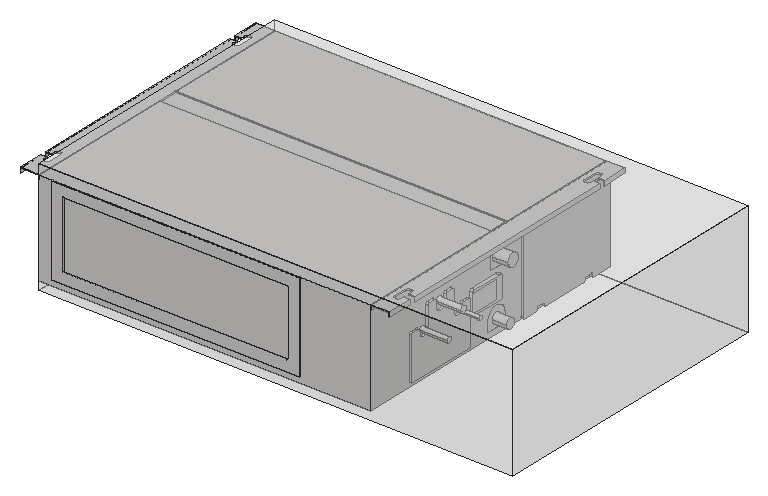
Revit family "outputfile", category 機械設備, Revit 2024
Family settings
  丸型コネクタ寸法 = 半径を使用
  パーツ タイプ = 標準
  OmniClass 番号 = 23.75.10.24.21.27.27
  OmniClass タイトル = Split System Air Conditioning Units
  作業面ベース = いいえ
  常に垂直 = はい
  ロード時にボイドで切り取り = いいえ
  注釈の向きを維持 = いいえ
  共有 = いいえ
  部屋計算ポイント = はい
Parameters (values of type "FPRSQ25APVM")
  Description = ""
  製造元 = "Daikin"
  書き出し IFC クラス(タイプ) = "IfcUnitaryEquipmentType"
  定義済み IFC タイプ(タイプ) = "AIRCONDITIONINGUNIT"
  Cost = 0
  モデル = "FPRSQ25APVM"
  Type Comments = ""
  Keynote = ""
  Type Image = (empty or 0)
  Assembly Code = ""
  r_HP/LP Gas Pipe Size = [HP/LP Gas Pipe Size] / 2  # 4.75 mm
  lw_suctionflange = 40.0 mm  # constant formula
  r_Liquid Pipe Size = Liquid Pipe Size / 2  # 3.2 mm
  r_Gas Pipe Size = Gas Pipe Size / 2  # 6.35 mm
  r_Drain Pipe Size = Drain Pipe Size / 2  # 13.0 mm
  lw_dischargeflange = 61.0 mm
  lw_SA_left = 351.0 mm
  lw_SA = Width - 178.0 mm  # 522.0 mm
  lw_RA = 618.0 mm
  lw_HP/LP Gas = 60.0 mm  # constant formula
  lh_suctionflange [instance] = if(Rear Connection_Return Air, -100.0 mm, -10.0 mm)  # -100.0 mm
  lh_power = 100.0 mm  # constant formula
  lh_mountinghole1 = lh_mountinghole  # 200.0 mm
  lh_dischargeflange = 105.5 mm  # constant formula
  lh_RA = 198.0 mm  # constant formula
  lh_HP/LP Gas = -103.0 mm  # constant formula
  left_pipe = no
  ld_dischargeflange = 310.0 mm  # constant formula
  ld_suctionflange [instance] = if(Rear Connection_Return Air, 190.0 mm, 100.0 mm)  # 190.0 mm
  ld_HP/LP Gas = 179.0 mm  # constant formula
  angle_vertical_RA [instance] = if(Rear Connection_Return Air, 90.00°, 0.00°)  # 90.00°
  angle horizontal_RA [instance] = if(Rear Connection_Return Air, 180.00°, 270.00°)  # 180.00°
  Voltage_comment_60Hz = "220-230"
  Voltage_comment_50Hz = "220 - 240"
  Voltage_60Hz = 220 V
  Voltage_50Hz = 230 V
  URL = ""
  Supply Air Direction [instance] = yes
  Sound Power Level_H speed (dB) = 0
  Rear Connection_Return Air [instance] = not(Bottom Connection_Return Air)  # yes
  ld_RA = 190.0 mm  # constant formula
  Phase_60Hz = 1
  Phase_50Hz = 1
  Minimum External Static Pressure = 0.00 Pa
  Minimum Circuit Amps_60Hz = 0.44 A
  Minimum Circuit Amps_50Hz = 0.44 A
  Maximum Fuse Amps_60Hz = 16.0 A
  Maximum Fuse Amps_50Hz = 16.0 A
  Maximum External Static Pressure = 10.00 Pa
  Material_Casing = DAIKIN_GalvanizedSteel_Casing_indoorunit
  lw_mountinghole = 740.0 mm
  lh_gaspipe = -67.0 mm  # constant formula
  lh_mountinghole = 200.0 mm  # constant formula
  lh_liquidpipe = -103.0 mm  # constant formula
  lh_drainpipe = -50.0 mm  # constant formula
  lh_antena = 1.0 mm  # constant formula
  ld_drainpipe = 23.0 mm  # constant formula
  ld_liquidpipe = 89.0 mm  # constant formula
  ld_gaspipe = 134.0 mm  # constant formula
  ld_mountinghole = 500.0 mm  # constant formula
  h*** = 100.0 mm  # constant formula
  lw_liquidpipe = 54.5 mm  # constant formula
  lw_gaspipe = 54.5 mm  # constant formula
  lw_drainpipe = 33.0 mm  # constant formula
  Width = 700.0 mm
  Version = "ver.1.0"
  Unit Type = "Moisture Control Intelligent 3D Air Flow Ceiling Mounted Duct Type"
  Unit Mass Weight = 24.00 kg
  Unit Designation [instance] = ""
  Uniclass2015Version = "Products v1.30"
  Uniclass2015Title = "Variable refrigerant flow units"
  Uniclass2015Code = "Pr_70_65_03_94"
  Total Cooling Capacity [instance] = 0.000 kW
  Sound Pressure Level_M speed (dBA) = 26
  Sound Pressure Level_L speed (dBA) = 23
  Sound Pressure Level_H speed (dBA) = 29
  Series = "VRV HOME_Fan Coil Unit"
  Sensible Cooling Capacity [instance] = 0.000 kW
  SA Duct Size Width = 456.0 mm
  SA Duct Size Height = 141.0 mm
  Refrigerant Type = "R410A"
  RA Duct Size Width = 580.0 mm
  RA Duct Size Height = 160.0 mm
  Power Input (Cooling) = 0.033 kW
  Option Accessory 3 [instance] = ""
  Option Accessory 2 [instance] = ""
  Option Accessory 1 [instance] = ""
  Nominal Cooling Capacity = 2.800 kW
  Minimum Airflow = 324.00 m³/h
  Median Airflow = 378.00 m³/h
  Maximum Airflow = 432.00 m³/h
  Load Classification = HVAC
  Liquid Pipe Size = 6.4 mm
  Link_Nested Family [instance] = ""
  IfcVersion = ""
  IfcExportType = "AIRCONDITIONINGUNIT"
  IfcExportAs = "IfcUnitaryEquipmentType"
  Height = 200.0 mm
  Heat Exchanger Type = "Cross Fin Coil"
  HP/LP Gas Pipe Size = 9.5 mm
  Gas Pipe Size = 12.7 mm
  Frequency_60Hz = 60 Hz
  Frequency_50Hz = 50 Hz
  Fan Type = "Sirocco Fan"
  Fan Drive = "Direct Drive"
  FCU Tag No. [instance] = ""
  Drain Pipe Size = 26.0 mm
  Design Supply Airflow [instance] = 0.00 m³/h
  Design Return Airflow [instance] = 0.00 m³/h
  Design External Static Pressure [instance] = 0.00 Pa
  Depth = 620.0 mm
  既定の高さ = 0.0 mm
  Cooling Entering Wet Bulb Temperature [instance] = 0.00 °C
  Cooling Entering Dry Bulb Temperature [instance] = 0.00 °C
  Cooling Ambient Wet Bulb Temperature [instance] = 0.00 °C
  Cooling Ambient Dry Bulb Temperature [instance] = 0.00 °C
  Clearance visibility [instance] = yes
  Clearance Top = 20.0 mm
  Clearance Right = 300.0 mm
  Clearance Rear = 0.0 mm
  Clearance Left = 0.0 mm
  Clearance Front = 0.0 mm
  Clearance Bottom = 20.0 mm
  Bottom Connection_Return Air [instance] = no
Reference planes
  plane 1 "Center (Front/Back)": y = 0
  plane 2 "h": z = 0
  plane 3 "Center (Left/Right)": x = 0
  plane 4 "Back": y = 310
  plane 5 "Front": y = -310
  plane 6 "Left": x = -350
  plane 7 "Reight": x = 350
  plane 8 "Top": z = 0
  plane 9 "Bottom": z = -200
  plane 10: z = 1.2
  plane 11: z = -2
  plane 12: y = -136.255
  plane 13: y = -88.831
  plane 14: x = -370
  plane 15 "lh_mountinghole": z = 0
  plane 16: z = -50
  plane 17: y = -250
  plane 18: y = 250
  plane 19 "ld_liquidpipe": y = -89
  plane 20 "ld_gaspipe": y = -134
  plane 21: y = -215
  plane 22 "ld_drainpipe": y = 23
  plane 23: x = -370
  plane 24: x = -350
  plane 25: x = 348.7
  plane 26: x = 383
  plane 27: x = 357
  plane 28: x = 360
  plane 29: x = 358
  plane 30: x = 370
  plane 31: y = 20
  plane 32: x = 380
  plane 33: x = 348
  plane 34: y = 310
  plane 35: y = -310
  plane 36: x = -350
  plane 37: x = 650
  plane 38: z = 20
  plane 39: z = -220
  plane 40: y = 335
  plane 41: z = -198
  plane 42: z = 205.102
  plane 43 "d_liquid_pipe": x = 404.5
  plane 44 "d_gas_pipe": x = 404.5
  plane 45 "ld_SA": y = -310
  plane 46: x = -350
  plane 47: x = -61
  plane 48: y = 500
  plane 49: z = -94.5
  plane 50: x = -349
  plane 51: z = -199
  plane 52: z = -1
  plane 53: y = 120
  plane 54: y = 110
  plane 55: z = -10
  plane 56 "RA_width": x = -40
  plane 57: y = 210
  plane 58 "RA_depth": y = 120
  plane 59: z = -100
  plane 60: x = -349
  plane 61: y = 309
  plane 62: x = 241.57
  plane 63: z = -30
  plane 64 "ld_HP/LP Gas": y = -179
  plane 65: x = 410
  plane 66: x = 330.5
  plane 67: y = 260.8
  plane 68 "h115": z = -84.79
  plane 69: y = 194.79
Forms (mm)
  Extrusion 1, solid, material "DAIKIN_GalvanizedSteel_Casing_indoorunit" <- "Material_Casing"
    sketch origin (0, 0, 0) x (1, 0, 0) y (0, 1, 0)
      loop
        line (-350, 310) -> (-350, -310) -> (350, -310) -> (350, 310) -> (-350, 310)
    from -200 to 0
  Extrusion 2, solid, material "DAIKIN_GalvanizedSteel_Casing_indoorunit" <- "Material_Casing"
    sketch origin (0, 0, 0) x (0, 1, 0) y (0, 0, 1)
      loop
        arc (22.012, -86.909) -> (21.133, -84.787) -> (19.012, -83.909) r 3
        line (19.012, -83.909) -> (-47.992, -83.909)
        arc (-47.992, -83.909) -> (-50.114, -84.788) -> (-50.992, -86.91) r 3
        line (-50.992, -86.91) -> (-50.992, -128.409)
        arc (-50.992, -128.409) -> (-50.114, -130.53) -> (-47.992, -131.409) r 3
        line (-47.992, -131.409) -> (19.012, -131.409)
        arc (19.012, -131.409) -> (21.133, -130.53) -> (22.012, -128.409) r 3
        line (22.012, -128.409) -> (22.012, -86.909)
    from 350 to 360
  Extrusion 3, void
    sketch origin (0, 0, 0) x (1, 0, 0) y (0, 1, 0)
      loop
        line (348.7, 48.53) -> (-350, 48.53) -> (-350, 6.27) -> (348.7, 6.27) -> (348.7, 48.53)
    from -2 to 0
  Extrusion 4, void
    sketch origin (0, 0, 0) x (0, 1, 0) y (0, 0, 1)
      loop
        line (-138.492, -87.409) -> (-138.492, -127.909) -> (9.612, -127.909) -> (9.612, -87.409) -> (-138.492, -87.409)
    from 358 to 360
  Extrusion 5, solid, material "DAIKIN_GalvanizedSteel_Casing_indoorunit" <- "Material_Casing"
    sketch origin (0, 0, 0) x (0, 1, 0) y (0, 0, 1)
      loop
        circle (20, -170) r 10
    from 350 to 380
  Extrusion 6, solid, material "DAIKIN_GalvanizedSteel_Casing_indoorunit" <- "Material_Casing"
    sketch origin (0, 0, 0) x (0, 1, 0) y (0, 0, 1)
      loop
        circle (23, -50) r 13
    from 348 to 383
  Extrusion 7, void
    sketch origin (0, 0, 0) x (0, 1, 0) y (0, 0, 1)
      loop
        arc (2.051, -70.461) -> (3.512, -73.988) -> (7.039, -75.449) r 4.988
        line (7.039, -75.449) -> (38.961, -75.449)
        arc (38.961, -75.449) -> (42.488, -73.988) -> (43.949, -70.461) r 4.988
        line (43.949, -70.461) -> (43.949, -34.039)
        arc (43.949, -34.039) -> (42.488, -30.512) -> (38.961, -29.051) r 4.988
        line (38.961, -29.051) -> (7.039, -29.051)
        arc (7.039, -29.051) -> (3.512, -30.512) -> (2.051, -34.039) r 4.988
        line (2.051, -34.039) -> (2.051, -70.461)
      loop
        arc (44.442, -169.501) -> (20.002, -145.061) -> (-4.438, -169.501) r 24.44
        line (-4.438, -169.501) -> (-4.438, -189.537) -> (44.442, -189.537) -> (44.442, -169.501)
    from 348 to 350
  Extrusion 8, solid
    sketch origin (0, 0, 0) x (0, 1, 0) y (0, 0, 1)
      loop
        circle (-89, -103) r 3.2
    from 350 to 404.5
  Extrusion 9, solid
    sketch origin (0, 0, 0) x (0, 1, 0) y (0, 0, 1)
      loop
        circle (-134, -67) r 6.35
    from 350 to 404.5
  Extrusion 10, solid, material "DAIKIN_GalvanizedSteel_Casing_indoorunit" <- "Material_Casing"
    sketch origin (0, 0, 0) x (1, 0, 0) y (0, 1, 0)
      loop
        circle (330.5, 260.8) r 17.5
    from -198 to -200
  Extrusion 11, void
    sketch origin (0, 0, 0) x (1, 0, 0) y (0, 0, 1)
      loop
        line (-349, -1) -> (-349, -199) -> (269, -199) -> (269, -1) -> (-349, -1)
    from -310 to -120
  Extrusion 12, void
    sketch origin (0, 0, 0) x (1, 0, 0) y (0, 1, 0)
      loop
        line (-349, 309) -> (-349, 111) -> (269, 111) -> (269, 309) -> (-349, 309)
    from -200 to -10
  Extrusion 13, solid, material "DAIKIN_GalvanizedSteel_Casing_indoorunit" <- "Material_Casing", visible <- "Rear Connection_Return Air"
    sketch origin (0, 0, 0) x (1, 0, 0) y (0, 1, 0)
      loop
        line (269, 309) -> (-349, 309) -> (-349, 111) -> (269, 111) -> (269, 309)
    from -200 to -199
  Extrusion 14, solid, material "DAIKIN_GalvanizedSteel_Casing_indoorunit" <- "Material_Casing", visible <- "Bottom Connection_Return Air"
    sketch origin (0, 0, 0) x (1, 0, 0) y (0, 0, 1)
      loop
        line (269, -1) -> (-349, -1) -> (-349, -199) -> (269, -199) -> (269, -1)
    from -310 to -300
  Extrusion 15, solid
    sketch origin (0, 0, 0) x (0, 1, 0) y (0, 0, 1)
      loop
        circle (-179, -103) r 4.75
    from 350 to 410
  Extrusion 16, solid, material "DAIKIN_GalvanizedSteel_Casing_indoorunit" <- "Material_Casing"
    sketch origin (0, 0, 0) x (0, 1, 0) y (0, 0, 1)
      loop
        arc (83.953, -195.012) -> (84.829, -197.128) -> (86.945, -198.005) r 2.993
        line (86.945, -198.005) -> (116.373, -198.005)
        arc (116.373, -198.005) -> (118.489, -197.128) -> (119.366, -195.012) r 2.993
        line (119.366, -195.012) -> (119.366, -188.29)
        arc (119.366, -188.29) -> (120.862, -186.794) -> (122.359, -188.29) r 1.496
        line (122.359, -188.29) -> (122.359, -190.333) -> (137.322, -190.333) -> (137.322, -188.29)
        arc (137.322, -188.29) -> (138.818, -186.794) -> (140.315, -188.29) r 1.496
        line (140.315, -188.29) -> (140.315, -195.012)
        arc (140.315, -195.012) -> (141.191, -197.128) -> (143.307, -198.005) r 2.993
        line (143.307, -198.005) -> (241.068, -198.005)
        arc (241.068, -198.005) -> (243.185, -197.128) -> (244.061, -195.012) r 2.993
        line (244.061, -195.012) -> (244.061, -188.29)
        arc (244.061, -188.29) -> (245.558, -186.794) -> (247.054, -188.29) r 1.496
        line (247.054, -188.29) -> (247.054, -190.333) -> (262.017, -190.333) -> (262.017, -188.29)
        arc (262.017, -188.29) -> (263.514, -186.794) -> (265.01, -188.29) r 1.496
        line (265.01, -188.29) -> (265.01, -195.012)
        arc (265.01, -195.012) -> (265.887, -197.128) -> (268.003, -198.005) r 2.993
        line (268.003, -198.005) -> (310, -198.005) -> (310, -22.445) -> (280.969, -22.445) -> (277.477, -25.937) -> (207.648, -25.937) -> (204.157, -22.445) -> (86.945, -22.445)
        arc (86.945, -22.445) -> (84.829, -23.322) -> (83.953, -25.438) r 2.993
        line (83.953, -25.438) -> (83.953, -195.012)
      loop
        arc (-116.44, -57.656) -> (-118.563, -58.535) -> (-119.443, -60.659) r 3.003
        line (-119.443, -60.659) -> (-119.443, -71.5)
        arc (-119.443, -71.5) -> (-134, -86.057) -> (-148.557, -71.5) r 14.557
        line (-148.557, -71.5) -> (-148.557, -60.659)
        arc (-148.557, -60.659) -> (-149.437, -58.535) -> (-151.56, -57.656) r 3.003
        line (-151.56, -57.656) -> (-164.073, -57.656)
        arc (-164.073, -57.656) -> (-166.196, -58.535) -> (-167.076, -60.659) r 3.003
        line (-167.076, -60.659) -> (-167.076, -103)
        arc (-167.076, -103) -> (-179.13, -115.055) -> (-191.185, -103) r 12.055
        line (-191.185, -103) -> (-191.185, -98.897)
        arc (-191.185, -98.897) -> (-192.064, -96.774) -> (-194.188, -95.894) r 3.003
        line (-194.188, -95.894) -> (-208.202, -95.894)
        arc (-208.202, -95.894) -> (-210.325, -96.774) -> (-211.205, -98.897) r 3.003
        line (-211.205, -98.897) -> (-211.205, -189.537) -> (-58.882, -189.537) -> (-58.882, -98.897)
        arc (-58.882, -98.897) -> (-59.762, -96.774) -> (-61.885, -95.894) r 3.003
        line (-61.885, -95.894) -> (-74.026, -95.894)
        arc (-74.026, -95.894) -> (-76.15, -96.774) -> (-77.029, -98.897) r 3.003
        line (-77.029, -98.897) -> (-77.029, -103)
        arc (-77.029, -103) -> (-88.977, -114.948) -> (-100.924, -103) r 11.948
        line (-100.924, -103) -> (-100.924, -60.659)
        arc (-100.924, -60.659) -> (-101.804, -58.535) -> (-103.927, -57.656) r 3.003
        line (-103.927, -57.656) -> (-116.44, -57.656)
    from 350 to 357
  Revolve 17, solid, material "DAIKIN_GalvanizedSteel_Casing_indoorunit" <- "Material_Casing", visible <- "left_pipe"
    sketch origin (0, 0, -84.79) x (0, 1, 0) y (-1, 0, 0)
      loop
        line (194.79, 350) -> (194.79, 365.7) -> (187.29, 365.7) -> (187.29, 358.7) -> (177.29, 358.7) -> (177.29, 350) -> (194.79, 350)
      axis (194.79, 365.7) -> (194.79, 350)
    angle from 0 to 360
Cuts and joins
  Extrusion 3, Extrusion 4, Extrusion 7, Extrusion 11, Extrusion 12 cuts Extrusion 1
  Extrusion 4 cuts Extrusion 2
  Extrusion 11 cuts Extrusion 6
Dimensions and locks
  "Height": plane 8 "Top" to plane 9 "Bottom"
  locked: plane 10 to plane 8 "Top" at 1.2
  locked: plane 8 "Top" to plane 11 at 2
  equal spacing: plane 17, plane 1 "Center (Front/Back)", plane 18
  "ld_mountinghole": plane 17 to plane 18
  "ld_gaspipe": plane 20 "ld_gaspipe" to plane 1 "Center (Front/Back)"
  "ld_liquidpipe": plane 19 "ld_liquidpipe" to plane 1 "Center (Front/Back)"
  equal spacing: plane 4 "Back", plane 1 "Center (Front/Back)", plane 5 "Front"
  "Depth": plane 4 "Back" to plane 5 "Front"
  locked: plane 12 to plane 1 "Center (Front/Back)" at 136.255
  locked: plane 12 to plane 13 at 47.425
  locked: plane 13 to plane 1 "Center (Front/Back)" at 88.831
  equal spacing: plane 6 "Left", plane 3 "Center (Left/Right)", plane 7 "Reight"
  "Width": plane 6 "Left" to plane 7 "Reight"
  "lw_drainpipe": plane 7 "Reight" to plane 26
  locked: plane 7 "Reight" to plane 27 at 7
  locked: plane 28 to plane 26 at 23
  locked: plane 29 to plane 26 at 25
  equal spacing: plane 23, plane 3 "Center (Left/Right)", plane 30
  "lw_mountinghole": plane 23 to plane 30
  locked: plane 7 "Reight" to plane 32 at 30
  locked: plane 33 to plane 7 "Reight" at 2
  "Clearance Left": plane 36 to plane 6 "Left"
  "Clearance Right": plane 7 "Reight" to plane 37
  "Clearance Rear": plane 34 to plane 4 "Back"
  "Clearance Front": plane 5 "Front" to plane 35
  "Clearance Top": plane 38 to plane 8 "Top"
  "Clearance Bottom": plane 9 "Bottom" to plane 39
  locked: plane 40 to plane 4 "Back" at 25
  locked: plane 25 to plane 7 "Reight" at 1.3
  locked: plane 41 to plane 9 "Bottom" at 2
  "lw_liquidpipe": plane 7 "Reight" to plane 43 "d_liquid_pipe"
  "lw_gaspipe": plane 7 "Reight" to plane 44 "d_gas_pipe"
  "lh_mountinghole": plane 15 "lh_mountinghole" to plane 9 "Bottom"
  "ld_suctionflange": plane 48 to plane 4 "Back"
  "lw_dischargeflange": plane 47 to plane 3 "Center (Left/Right)"
  "lh_dischargeflange": plane 49 to plane 9 "Bottom"
  locked: plane 8 "Top" to plane 52 at 1
  locked: plane 50 to plane 6 "Left" at 1
  locked: plane 51 to plane 9 "Bottom" at 1
  locked: plane 55 to plane 9 "Bottom" at 190
  locked: plane 4 "Back" to plane 53 at 190
  locked: plane 4 "Back" to plane 54 at 200
  locked: plane 4 "Back" to plane 57 at 100
  "lw_suctionflange": plane 56 "RA_width" to plane 3 "Center (Left/Right)"
  "ld_suctionflange": plane 4 "Back" to plane 58 "RA_depth"
  "lh_power": plane 59 to plane 9 "Bottom"
  locked: plane 46 to plane 60 at 1
  locked: plane 34 to plane 61 at 1
  locked: plane 8 "Top" to plane 63 at 30
  locked: plane 7 "Reight" to plane 62 at 108.43
  locked: plane 16 to plane 9 "Bottom" at 150
  locked: Extrusion 3 sketch curve to Extrusion 3 sketch curve at 42.26
  "ld_HP/LP Gas": plane 64 "ld_HP/LP Gas" to plane 1 "Center (Front/Back)"
  "ld_drainpipe": plane 1 "Center (Front/Back)" to plane 22 "ld_drainpipe"
  locked: plane 1 "Center (Front/Back)" to plane 31 at 20
  locked: Extrusion 5 sketch curve to plane 9 "Bottom" at 30
  Extrusion 15 sketch curve to plane 9 "Bottom" = 97.0 mm
  "lw_HP/LP Gas": plane 7 "Reight" to plane 65
  locked: Extrusion 9 sketch curve to plane 9 "Bottom" at 133
  locked: Extrusion 8 sketch curve to plane 9 "Bottom" at 97
  plane 66 to plane 7 "Reight" = 19.5 mm
  locked: plane 68 "h115" to plane 9 "Bottom" at 115.21
  locked: plane 4 "Back" to plane 69 at 115.21
  Revolve 17 sketch curve to plane 6 "Left" = 8.7 mm
  Revolve 17 sketch curve to plane 6 "Left" = 15.7 mm
  locked: plane 69 to Revolve 17 sketch curve at 17.5
  locked: plane 69 to Revolve 17 sketch curve at 7.5
  "ld_dischargeflange": plane 45 "ld_SA" to plane 1 "Center (Front/Back)"
  plane 4 "Back" to cut or joined group of Extrusion 1, Extrusion 3, Extrusion 4, Extrusion 7, Extrusion 11, Extrusion 12 = 261.47 mm
  plane 4 "Back" to plane 67 = 49.2 mm
  "Drain Pipe Size": diameter of Extrusion 6 sketch curve
  "Liquid Pipe Size": diameter of Extrusion 8 sketch curve
  "Gas Pipe Size": diameter of Extrusion 9 sketch curve
  "HP/LP Gas Pipe Size": diameter of Extrusion 15 sketch curve
  aligned and locked: level to plane 2 "h"
  aligned and locked: plane 8 "Top" to Extrusion 1
  aligned and locked: Extrusion 1 to plane 9 "Bottom"
  aligned and locked: Extrusion 3 to plane 11
  aligned and locked: plane 8 "Top" to Extrusion 3
  aligned and locked: Extrusion 2 to Extrusion 4
  aligned and locked: nested 3 to plane 20 "ld_gaspipe"
  aligned and locked: nested 4 to plane 19 "ld_liquidpipe"
  aligned and locked: nested 5 to plane 22 "ld_drainpipe"
  aligned and locked: nested 1 to plane 7 "Reight"
  aligned and locked: plane 6 "Left" to plane 24
  aligned and locked: Extrusion 3 sketch curve to plane 24
  aligned and locked: Extrusion 3 sketch curve to plane 25
  aligned and locked: cut or joined group of Extrusion 1, Extrusion 3, Extrusion 4, Extrusion 7, Extrusion 11, Extrusion 12 to plane 6 "Left"
  aligned and locked: plane 7 "Reight" to cut or joined group of Extrusion 1, Extrusion 3, Extrusion 4, Extrusion 7, Extrusion 11, Extrusion 12
  aligned and locked: plane 26 to Extrusion 6
  aligned and locked: Extrusion 6 to plane 26  (x2)
  aligned and locked: plane 7 "Reight" to nested 1
  aligned and locked: plane 28 to cut or joined group of Extrusion 2, Extrusion 4
  aligned and locked: cut or joined group of Extrusion 2, Extrusion 4 to plane 29
  aligned and locked: nested 2 to plane 6 "Left"
  aligned and locked: plane 31 to Extrusion 5 sketch curve
  aligned and locked: Extrusion 5 to plane 7 "Reight"
  aligned and locked: plane 32 to Extrusion 5
  aligned and locked: Extrusion 2 to plane 7 "Reight"
  aligned and locked: plane 7 "Reight" to Extrusion 7
  aligned and locked: plane 33 to Extrusion 7
  aligned and locked: plane 33 to Extrusion 6
  aligned and locked: plane 3 "Center (Left/Right)" to nested 6
  aligned and locked: plane 1 "Center (Front/Back)" to nested 6
  aligned and locked: plane 4 "Back" to cut or joined group of Extrusion 1, Extrusion 3, Extrusion 4, Extrusion 7, Extrusion 11, Extrusion 12
  aligned and locked: nested 7 to plane 35
  aligned and locked: plane 36 to nested 7
  aligned and locked: plane 37 to nested 7
  aligned and locked: nested 7 to plane 36
  aligned and locked: plane 34 to nested 7
  aligned and locked: plane 38 to nested 7
  aligned and locked: plane 39 to nested 7
  aligned and locked: Extrusion 8 to plane 7 "Reight"
  aligned and locked: plane 43 "d_liquid_pipe" to Extrusion 8
  aligned and locked: plane 20 "ld_gaspipe" to Extrusion 9 sketch curve
  aligned and locked: Extrusion 9 to plane 7 "Reight"
  aligned and locked: plane 44 "d_gas_pipe" to Extrusion 9
  aligned and locked: plane 44 "d_gas_pipe" to nested 3
  aligned and locked: plane 43 "d_liquid_pipe" to nested 4
  aligned and locked: plane 19 "ld_liquidpipe" to Extrusion 8 sketch curve
  aligned and locked: plane 15 "lh_mountinghole" to nested 2
  aligned and locked: plane 15 "lh_mountinghole" to nested 1
  aligned and locked: plane 30 to nested 8
  aligned and locked: plane 17 to nested 8
  aligned and locked: plane 30 to nested 11
  aligned and locked: plane 18 to nested 11
  aligned and locked: plane 23 to nested 9
  aligned and locked: plane 18 to nested 9
  aligned and locked: plane 23 to nested 10
  aligned and locked: plane 17 to nested 10
  aligned and locked: plane 47 to nested 12
  aligned and locked: plane 49 to nested 12
  aligned and locked: Extrusion 10 to plane 9 "Bottom"
  aligned and locked: nested 13 to plane 9 "Bottom"
  aligned and locked: plane 50 to Extrusion 11 sketch curve
  aligned and locked: Extrusion 11 sketch curve to plane 52
  aligned and locked: plane 51 to Extrusion 11 sketch curve
  aligned and locked: plane 4 "Back" to Extrusion 11
  aligned and locked: Extrusion 12 to plane 9 "Bottom"
  aligned and locked: plane 55 to Extrusion 12
  aligned and locked: Extrusion 13 sketch curve to cut or joined group of Extrusion 1, Extrusion 3, Extrusion 4, Extrusion 7, Extrusion 11, Extrusion 12
  aligned and locked: cut or joined group of Extrusion 1, Extrusion 3, Extrusion 4, Extrusion 7, Extrusion 11, Extrusion 12 to Extrusion 13 sketch curve
  aligned and locked: Extrusion 13 to plane 9 "Bottom"
  aligned and locked: Extrusion 11 to plane 53
  aligned and locked: Extrusion 14 sketch curve to cut or joined group of Extrusion 1, Extrusion 3, Extrusion 4, Extrusion 7, Extrusion 11, Extrusion 12  (x3)
  aligned and locked: plane 4 "Back" to Extrusion 14
  aligned and locked: Extrusion 13 to cut or joined group of Extrusion 1, Extrusion 3, Extrusion 4, Extrusion 7, Extrusion 11, Extrusion 12
  aligned and locked: plane 7 "Reight" to nested 5
  aligned and locked: plane 22 "ld_drainpipe" to nested 5
  aligned and locked: nested 2 to plane 1 "Center (Front/Back)"
  aligned and locked: plane 22 "ld_drainpipe" to Extrusion 6 sketch curve
  aligned and locked: plane 7 "Reight" to nested 17
  aligned and locked: plane 64 "ld_HP/LP Gas" to nested 17
  aligned and locked: plane 64 "ld_HP/LP Gas" to Extrusion 15 sketch curve
  aligned and locked: Extrusion 15 to plane 65
  aligned and locked: Extrusion 16 to plane 7 "Reight"
  aligned and locked: Extrusion 16 to plane 27
  aligned and locked: plane 67 to Extrusion 10 sketch curve
  aligned and locked: plane 66 to Extrusion 10 sketch curve
  aligned and locked: plane 66 to nested 13
  aligned and locked: plane 67 to nested 13
  aligned and locked: Extrusion 13 sketch curve to nested 16
  aligned and locked: plane 56 "RA_width" to nested 15
  aligned and locked: Extrusion 15 to plane 7 "Reight"
  aligned and locked: plane 56 "RA_width" to nested 16
  aligned and locked: Revolve 17 sketch curve to plane 69  (x2)
  aligned and locked: nested 15 to plane 58 "RA_depth"
  aligned and locked: plane 47 to nested 18
  aligned and locked: nested 18 to plane 49
  aligned and locked: plane 1 "Center (Front/Back)" to nested 12
  aligned and locked: plane 45 "ld_SA" to nested 18
  aligned and locked: plane 5 "Front" to Extrusion 1 sketch curve
Automatic sketch dimensions
  Extrusion 1 sketch curve to plane 6 "Left" = 0.0 mm
  Extrusion 1 sketch curve to plane 7 "Reight" = 0.0 mm
  Extrusion 1 sketch curve to plane 4 "Back" = 0.0 mm
  plane 6 "Left" to Extrusion 12 sketch curve = 1.0 mm
  Extrusion 12 sketch curve to plane 7 "Reight" = 81.0 mm
  Extrusion 12 sketch curve to plane 4 "Back" = 1.0 mm
  Extrusion 13 sketch curve to plane 4 "Back" = 1.0 mm
  plane 33 to Extrusion 14 sketch curve = 79.0 mm
  plane 33 to Extrusion 11 sketch curve = 79.0 mm
  plane 54 to Extrusion 12 sketch curve = 1.0 mm
  Extrusion 6 sketch curve to plane 16 = 0.0 mm
  Extrusion 2 sketch curve to Extrusion 2 sketch curve = 3.0 mm  (x5)
  Extrusion 2 sketch curve to plane 49 = 7.591 mm
  Extrusion 4 sketch curve to plane 49 = 7.091 mm
  Extrusion 4 sketch curve to plane 1 "Center (Front/Back)" = 9.612 mm
  plane 20 "ld_gaspipe" to Extrusion 4 sketch curve = 4.492 mm
  Extrusion 4 sketch curve to plane 59 = 27.909 mm
  plane 22 "ld_drainpipe" to Extrusion 2 sketch curve = 3.988 mm
  Extrusion 2 sketch curve to plane 59 = 28.409 mm
  Extrusion 2 sketch curve to plane 19 "ld_liquidpipe" = 41.008 mm
  plane 1 "Center (Front/Back)" to Extrusion 7 sketch curve = 4.438 mm
  Extrusion 7 sketch curve to plane 1 "Center (Front/Back)" = 2.051 mm
  plane 63 to Extrusion 7 sketch curve = 0.949 mm
  Extrusion 7 sketch curve to plane 1 "Center (Front/Back)" = 7.039 mm  (x2)
  plane 22 "ld_drainpipe" to Extrusion 7 sketch curve = 2.998 mm
  Extrusion 7 sketch curve to plane 22 "ld_drainpipe" = 15.961 mm  (x2)
  Extrusion 7 sketch curve to Extrusion 7 sketch curve = 4.988 mm
  Extrusion 7 sketch curve to plane 49 = 24.039 mm
  plane 41 to Extrusion 7 sketch curve = 28.499 mm
  plane 41 to Extrusion 7 sketch curve = 8.463 mm
  Extrusion 16 sketch curve to plane 21 = 3.795 mm  (x2)
  Extrusion 16 sketch curve to Extrusion 16 sketch curve = 3.003 mm  (x6)
  plane 49 to Extrusion 16 sketch curve = 1.394 mm  (x4)
  Extrusion 16 sketch curve to Extrusion 16 sketch curve = 0.0 mm  (x18)
  plane 49 to Extrusion 16 sketch curve = 4.397 mm  (x2)
  Extrusion 16 sketch curve to Extrusion 16 sketch curve = 14.014 mm
  Extrusion 16 sketch curve to plane 64 "ld_HP/LP Gas" = 0.13 mm
  plane 64 "ld_HP/LP Gas" to Extrusion 16 sketch curve = 11.924 mm
  Extrusion 16 sketch curve to Extrusion 16 sketch curve = 12.513 mm  (x2)
  plane 20 "ld_gaspipe" to Extrusion 16 sketch curve = 0.0 mm
  Extrusion 16 sketch curve to plane 59 = 3.0 mm  (x3)
  plane 19 "ld_liquidpipe" to Extrusion 16 sketch curve = 11.924 mm
  Extrusion 16 sketch curve to plane 19 "ld_liquidpipe" = 0.023 mm
  Extrusion 16 sketch curve to Extrusion 16 sketch curve = 12.141 mm
  plane 41 to Extrusion 16 sketch curve = 8.463 mm
  Extrusion 16 sketch curve to plane 19 "ld_liquidpipe" = 30.118 mm
  plane 63 to Extrusion 16 sketch curve = 4.562 mm
  Extrusion 16 sketch curve to plane 53 = 36.047 mm
  Extrusion 16 sketch curve to Extrusion 16 sketch curve = 2.993 mm  (x4)
  Extrusion 16 sketch curve to plane 41 = 0.005 mm  (x3)
  Extrusion 16 sketch curve to plane 53 = 3.627 mm
  Extrusion 16 sketch curve to plane 53 = 0.634 mm
  plane 53 to Extrusion 16 sketch curve = 0.862 mm
  Extrusion 16 sketch curve to Extrusion 16 sketch curve = 14.963 mm
  Extrusion 16 sketch curve to Extrusion 16 sketch curve = 1.496 mm  (x3)
  Extrusion 16 sketch curve to plane 57 = 5.843 mm
  Extrusion 16 sketch curve to plane 57 = 2.352 mm
  plane 18 to Extrusion 16 sketch curve = 8.932 mm
  plane 18 to Extrusion 16 sketch curve = 5.939 mm
  Extrusion 16 sketch curve to plane 18 = 12.017 mm
  plane 63 to Extrusion 16 sketch curve = 4.063 mm
  Extrusion 16 sketch curve to plane 18 = 27.477 mm
  Extrusion 16 sketch curve to Extrusion 16 sketch curve = 3.491 mm
  Extrusion 16 sketch curve to plane 4 "Back" = 0.0 mm
  Extrusion 16 sketch curve to Extrusion 16 sketch curve = 4.679 mm  (x2)
  Extrusion 16 sketch curve to Extrusion 16 sketch curve = 2.042 mm  (x4)
  Extrusion 16 sketch curve to plane 49 = 23.0 mm
  Extrusion 16 sketch curve to Extrusion 16 sketch curve = 10.841 mm  (x4)
  plane 63 to Extrusion 16 sketch curve = 7.555 mm
  Revolve 17 sketch curve to plane 6 "Left" = 0.0 mm
  plane 60 to Revolve 17 sketch curve = 53.3 mm
  Revolve 17 sketch curve to plane 14 = 10.7 mm
  Extrusion 3 sketch curve to plane 1 "Center (Front/Back)" = 6.27 mm
  radius of Extrusion 5 sketch curve = 10.0 mm
  radius of Extrusion 10 sketch curve = 17.5 mm
Nested families
  nested 1: "daikin_hangerfixture_FPRSQ-APVM" at (350, 0, 0), type "daikin_hangerfixture_FPRSQ-APVM"
  nested 2: "daikin_hangerfixture_FPRSQ-APVM" at (-350, 0, 0) x (-1, 0, 0) z (0, 0, 1), type "daikin_hangerfixture_FPRSQ-APVM"
  nested 3: "daikin_connector_rotate2" at (350, -134, -67) x (0, 1, 0) z (0, 0, 1), length <- "lw_gaspipe", built-in parameter 1001364 <- "lh_gaspipe", type "daikin_connector_rotate2"
    with radius 6.35 mm, length 54.5 mm, angle_vertical 90.00°
  nested 4: "daikin_connector_rotate2" at (350, -89, -103) x (0, 1, 0) z (0, 0, 1), length <- "lw_liquidpipe", built-in parameter 1001364 <- "lh_liquidpipe", type "daikin_connector_rotate2"
    with radius 3.2 mm, length 54.5 mm, angle_vertical 90.00°
  nested 5: "daikin_connector_rotate2" at (350, 23, -50) x (0, 1, 0) z (0, 0, 1), length <- "lw_drainpipe", built-in parameter 1001364 <- "lh_drainpipe", type "daikin_connector_rotate2"
    with radius 10.0 mm, length 33.0 mm, angle_vertical 90.00°
  nested 6: "daikin_△_symbolicline" at (0, 0, 200), built-in parameter 1001364 <- "Height", visible <- "Supply Air Direction", type "daikin_△_symbolicline"
    with length 200.0 mm
  nested 7: "daikin_clearancespace" at (150, 0, -99.881), visible <- "Clearance visibility", show <- "Clearance visibility", Link_Nested Family <- "Link_Nested Family", type "daikin_clearancespace"
    with width 1000.0 mm, show yes, height 240.0 mm, depth 620.0 mm, Link_Nested Family ""
  nested 8: "daikin_mountinghole" at (370, -250, -200), l_antenna <- "lh_antena", Link_Nested Family <- "Link_Nested Family", h_mountinghole <- "lh_mountinghole1", type "daikin_mountinghole"
    with show yes, l_antenna 1.0 mm, h_mountinghole 200.0 mm, Link_Nested Family ""
  nested 9: "daikin_mountinghole" at (-370, 250, -200), l_antenna <- "lh_antena", Link_Nested Family <- "Link_Nested Family", h_mountinghole <- "lh_mountinghole1", type "daikin_mountinghole"
    with show yes, l_antenna 1.0 mm, h_mountinghole 200.0 mm, Link_Nested Family ""
  nested 10: "daikin_mountinghole" at (-370, -250, -200), l_antenna <- "lh_antena", Link_Nested Family <- "Link_Nested Family", h_mountinghole <- "lh_mountinghole1", type "daikin_mountinghole"
    with show yes, l_antenna 1.0 mm, h_mountinghole 200.0 mm, Link_Nested Family ""
  nested 11: "daikin_mountinghole" at (370, 250, -200), l_antenna <- "lh_antena", Link_Nested Family <- "Link_Nested Family", h_mountinghole <- "lh_mountinghole1", type "daikin_mountinghole"
    with show yes, l_antenna 1.0 mm, h_mountinghole 200.0 mm, Link_Nested Family ""
  nested 12: "daikin_connector_rotate2" at (-61, 0, -94.5), length <- "ld_dischargeflange", type "daikin_connector_rotate2"
    with radius 10.0 mm, length 310.0 mm, angle_vertical 90.00°
  nested 13: "daikin_connector_rotate2" at (330.5, 260.8, -100) x (1, 0, 0) z (0, -1, 0), length <- "lh_power", type "daikin_connector_rotate2"
    with radius 10.0 mm, length 100.0 mm, angle_vertical 90.00°
  nested 14: "daikin_ductflange_FPRSQ-APVM2" at (-40, 310, -199), height <- "lh_RA", width <- "lw_RA", visible <- "Rear Connection_Return Air", type "daikin_ductflange_FPRSQ-APVM2"
    with width 618.0 mm, height 198.0 mm, depth 8.188 mm
  nested 15: "daikin_connector_rotate3" at (-40, 120, -100), built-in parameter 1001364 <- "lh_suctionflange", length <- "ld_RA", angle_vertical <- "angle_vertical_RA", angle_horizontal <- "angle horizontal_RA", type "daikin_connector_rotate3"
    with show no, radius 10.0 mm, length 190.0 mm, angle_vertical 90.00°, angle_horizontal 180.00°
  nested 16: "daikin_ductflange_FPRSQ-APVM2" at (-40, 111, -200) x (1, 0, 0) z (0, 1, 0), width <- "lw_RA", height <- "lh_RA", visible <- "Bottom Connection_Return Air", type "daikin_ductflange_FPRSQ-APVM2"
    with width 618.0 mm, height 198.0 mm, depth 562.323 mm
  nested 17: "daikin_connector_rotate2" at (350, -179, -103) x (0, 1, 0) z (0, 0, 1), length <- "lw_HP/LP Gas", built-in parameter 1001364 <- "lh_HP/LP Gas", type "daikin_connector_rotate2"
    with radius 4.8 mm, length 60.0 mm, angle_vertical 90.00°
  nested 18: "daikin_ductflange_FPRSQ-APVM3" at (-61, -310, -193.5), height <- "lh_RA", width <- "lw_SA", type "daikin_ductflange_FPRSQ-APVM3"
    with width 522.0 mm, height 198.0 mm, depth 1.0 mm
Connectors
  piping at (404.5, -134, -67), diameter 12.7, driven by "r_Gas Pipe Size"
    settings: on nested 3, index 3, connector inside diameter 609.6 mm, connector length 0.0 mm, flow factor 0, pipe flow 0.00 m³/h, pressure drop 0.0 Pa, fitting loss kfactor 0, connector angle 0.00°, fixture units 0, engagement length 0.0 mm, angle of deflection 0.00°, flow configuration 1, flow direction 2, fitting loss method 0, system type 29, joint type 0, gender type 0, connector reference index -1, connector utility 0, adjustable connector no, is connector primary yes, connector description "Refrigerant Gas Piping"
  piping at (404.5, -89, -103), diameter 6.4, driven by "r_Liquid Pipe Size"
    settings: on nested 4, index 4, connector inside diameter 609.6 mm, connector length 0.0 mm, flow factor 0, pipe flow 0.00 m³/h, pressure drop 0.0 Pa, fitting loss kfactor 0, connector angle 0.00°, fixture units 0, engagement length 0.0 mm, angle of deflection 0.00°, flow configuration 1, flow direction 1, fitting loss method 0, system type 29, joint type 0, gender type 0, connector reference index -1, connector utility 0, adjustable connector no, is connector primary no, connector description "Refrigerant Liquid Piping"
  piping at (383, 23, -50), diameter 26, driven by "r_Drain Pipe Size"
    settings: on nested 5, index 5, connector inside diameter 609.6 mm, connector length 0.0 mm, flow factor 0, pipe flow 0.00 m³/h, pressure drop 0.0 Pa, fitting loss kfactor 0, connector angle 0.00°, fixture units 0, engagement length 0.0 mm, angle of deflection 0.00°, flow configuration 1, flow direction 2, fitting loss method 4, system type 16, joint type 0, gender type 0, connector reference index -1, connector utility 0, adjustable connector no, is connector primary no, connector description "Condensate Drain Piping"
  electrical at (330.5, 260.8, -200), driven by "Load Classification"
    settings: on nested 13, index 12, voltage 0 V, apparent load 0 VA, apparent load phase1 0 VA, apparent load phase2 0 VA, apparent load phase3 0 VA, power factor 1, load classification "HVAC", number of poles 1, system type 30, power factor state 1, is connector primary yes, connector utility no, sub classification motor no, connector description "Power Supply"
  hvac at (-40, 310, -100), driven by "RA Duct Size Height", driven by "RA Duct Size Width"
    settings: on nested 15, index 13, duct flow 0.00 m³/h, flow factor 0, pres drop 0.00 Pa, loss coef 0, conn angle 0.00°, conn width 580.0 mm, conn height 160.0 mm, conn diameter 609.6 mm, duct sys type 2, conn prof type 1, flow config 0, flow direction 1, loss method 4, conn ref index -1, conn util no, is conn primary yes, conn desc "RA Duct"
  piping at (410, -179, -103), diameter 9.5, driven by "r_HP/LP Gas Pipe Size"
    settings: on nested 17, index 14, connector inside diameter 609.6 mm, connector length 0.0 mm, flow factor 0, pipe flow 0.00 m³/h, pressure drop 0.0 Pa, fitting loss kfactor 0, connector angle 0.00°, fixture units 0, engagement length 0.0 mm, angle of deflection 0.00°, flow configuration 1, flow direction 0, fitting loss method 0, system type 29, joint type 0, gender type 0, connector reference index -1, connector utility 0, adjustable connector no, is connector primary no, connector description "Refrigerant HP/LP Gas Piping"
  hvac at (-61, -310, -94.5), driven by "SA Duct Size Height", driven by "SA Duct Size Width"
    settings: on nested 12, index 15, duct flow 0.00 m³/h, flow factor 0, pres drop 0.00 Pa, loss coef 0, conn angle 0.00°, conn width 456.0 mm, conn height 141.0 mm, conn diameter 609.6 mm, duct sys type 1, conn prof type 1, flow config 0, flow direction 2, loss method 4, conn ref index -1, conn util no, is conn primary no, conn desc "SA Duct"
Definition of nested family "daikin_hangerfixture_FPRSQ-APVM"
  Parameters (values of type "daikin_hangerfixture_FXDSQ-AVM")
    width = 40.0 mm
    material = none
    height = 10.0 mm
    depth = 620.0 mm
    Default Elevation = 0.0 mm
  Reference planes
    plane 1 "Center (Front/Back)": y = 0
    plane 2: z = 0
    plane 3 "Center (Left/Right)": x = 0
    plane 4: y = 417.146
    plane 5: z = -1.6
    plane 6: x = 40
    plane 7: y = 310
    plane 8: y = -310
    plane 9: y = -313.5
    plane 10: y = 313.5
    plane 11: z = -10
    plane 12: x = 1.5
  Forms (mm)
    Extrusion 1, solid, material <- "material"
      sketch origin (0, 0, 0) x (1, 0, 0) y (0, 1, 0)
        loop
          line (12.981, 236.965) -> (12.981, 263.035)
          arc (12.981, 263.035) -> (20, 270.054) -> (27.019, 263.035) r 7.019
          line (27.019, 263.035) -> (27.019, 256.518) -> (40, 256.518) -> (40, 310) -> (0, 310) -> (0, -310) -> (40, -310) -> (40, -256.518) -> (27.019, -256.518) -> (27.019, -263.035)
          arc (27.019, -263.035) -> (20, -270.054) -> (12.981, -263.035) r 7.019
          line (12.981, -263.035) -> (12.981, -236.965)
          arc (12.981, -236.965) -> (20, -229.946) -> (27.019, -236.965) r 7.019
          line (27.019, -236.965) -> (27.019, -243.482) -> (40, -243.482) -> (40, 243.482) -> (27.019, 243.482) -> (27.019, 236.965)
          arc (27.019, 236.965) -> (20, 229.946) -> (12.981, 236.965) r 7.019
      from -1.6 to 0
    Extrusion 2, solid, material <- "material"
      sketch origin (0, 0, 0) x (0, 1, 0) y (0, 0, 1)
        loop
          line (310, -10) -> (310, 0) -> (-310, 0) -> (-310, -10) -> (310, -10)
      from 0 to 1.5
    Extrusion 3, solid, material <- "material"
      sketch origin (0, 0, 0) x (0, 1, 0) y (0, 0, 1)
        loop
          line (-310, -10) -> (-256.518, -10) -> (-256.518, 0) -> (-310, 0) -> (-310, -10)
        loop
          line (310, -10) -> (310, 0) -> (256.518, 0) -> (256.518, -10) -> (310, -10)
        loop
          line (-243.482, 0) -> (-243.482, -10) -> (243.482, -10) -> (243.482, 0) -> (-243.482, 0)
      from 38.442 to 40
  Cuts and joins
    joined: Extrusion 1, Extrusion 2, Extrusion 3
  Dimensions and locks
    "width": plane 3 "Center (Left/Right)" to plane 6
    "depth": plane 8 to plane 7
    equal spacing: plane 8, plane 1 "Center (Front/Back)", plane 7
    locked: plane 9 to plane 8 at 3.5
    locked: plane 7 to plane 10 at 3.5
    "height": level to plane 11
    locked: plane 12 to plane 3 "Center (Left/Right)" at 1.5
    locked: Extrusion 3 to plane 6 at 1.558
    aligned and locked: level to plane 2
    aligned and locked: level to Extrusion 1
    aligned and locked: Extrusion 1 to plane 5
    aligned and locked: level to Extrusion 2 sketch curve
    aligned and locked: plane 12 to Extrusion 2
    aligned and locked: level to Extrusion 3 sketch curve
    aligned and locked: plane 6 to cut or joined group of Extrusion 1, Extrusion 2, Extrusion 3
    aligned and locked: cut or joined group of Extrusion 1, Extrusion 2, Extrusion 3 to plane 11
  Automatic sketch dimensions
    Extrusion 2 sketch curve to plane 7 = 0.0 mm
    Extrusion 1 sketch curve to plane 3 "Center (Left/Right)" = 0.0 mm
    Extrusion 1 sketch curve to plane 6 = 0.0 mm  (x3)
    plane 8 to Extrusion 1 sketch curve = 0.0 mm
    plane 7 to Extrusion 1 sketch curve = 0.0 mm
    plane 12 to Extrusion 1 sketch curve = 11.481 mm  (x2)
    Extrusion 1 sketch curve to Extrusion 1 sketch curve = 7.019 mm  (x4)
    Extrusion 1 sketch curve to plane 8 = 46.965 mm
    Extrusion 1 sketch curve to Extrusion 1 sketch curve = 6.518 mm  (x4)
    Extrusion 1 sketch curve to Extrusion 1 sketch curve = 13.035 mm  (x2)
    plane 7 to Extrusion 1 sketch curve = 73.035 mm
    Extrusion 3 sketch curve to plane 8 = 0.0 mm
    Extrusion 3 sketch curve to level = 0.0 mm  (x2)
    Extrusion 3 sketch curve to plane 7 = 0.0 mm
    Extrusion 3 sketch curve to plane 8 = 53.482 mm
    Extrusion 3 sketch curve to Extrusion 3 sketch curve = 13.035 mm  (x2)
    plane 7 to Extrusion 3 sketch curve = 66.518 mm
    Extrusion 2 sketch curve to plane 8 = 0.0 mm
    Extrusion 2 sketch curve to plane 11 = 0.0 mm
    Extrusion 3 sketch curve to plane 11 = 0.0 mm  (x3)
Definition of nested family "daikin_clearancespace"
  Parameters (values of type "daikin_clearancespace")
    Description = "daikin_clearancespace"
    width [instance] = 1823.963 mm
    show [instance] = yes
    material = none
    height [instance] = 1359.762 mm
    depth [instance] = 880.0 mm
    Default Elevation = 0.0 mm
    Link_Nested Family [instance] = ""
  Reference planes
    plane 1 "Center (Front/Back)": y = 0
    plane 2 "Center (Elevation)": z = -0.119
    plane 3 "Center (Left/Right)": x = 0
    plane 4: y = 440
    plane 5: y = -440
    plane 6 "Right": x = 911.982
    plane 7 "Left": x = -911.982
    plane 8 "Top": z = 679.762
    plane 9 "Bottom": z = -680
  Forms (mm)
    Extrusion 1, solid, material <- "material", visible <- "show"
      sketch origin (0, 0, 0) x (1, 0, 0) y (0, 1, 0)
        loop
          line (-911.982, 440) -> (-911.982, -440) -> (911.982, -440) -> (911.982, 440) -> (-911.982, 440)
      from -680 to 679.762
  Lines and regions (mm)
    symbolic lines, visible <- "show"
      curve 1: line (911.982, 440, 0) -> (-911.982, 440, 0)
      curve 2: line (-911.982, 440, 0) -> (-911.982, -440, 0)
      curve 3: line (-911.982, -440, 0) -> (911.982, -440, 0)
      curve 4: line (911.982, -440, 0) -> (911.982, 440, 0)
      curve 5: line (911.982, 0, 679.762) -> (-911.982, 0, 679.762)
      curve 6: line (911.982, 0, -680) -> (911.982, 0, 679.762)
      curve 7: line (-911.982, 0, -680) -> (911.982, 0, -680)
      curve 8: line (-911.982, 0, 679.762) -> (-911.982, 0, -680)
      curve 9: line (0, 440, 679.762) -> (0, -440, 679.762)
      curve 10: line (0, -440, 679.762) -> (0, -440, -680)
      curve 11: line (0, 440, -680) -> (0, 440, 679.762)
      curve 12: line (0, -440, -680) -> (0, 440, -680)
  Dimensions and locks
    "width": plane 7 "Left" to plane 6 "Right"
    "depth": plane 4 to plane 5
    "height": plane 8 "Top" to plane 9 "Bottom"
    equal spacing: plane 7 "Left", plane 3 "Center (Left/Right)", plane 6 "Right"
    equal spacing: plane 4, plane 1 "Center (Front/Back)", plane 5
    equal spacing: plane 8 "Top", plane 2 "Center (Elevation)", plane 9 "Bottom"
    aligned and locked: level to plane 2 "Center (Elevation)"
    aligned and locked: Extrusion 1 sketch curve to plane 4
    aligned and locked: plane 7 "Left" to Extrusion 1 sketch curve
    aligned and locked: Extrusion 1 sketch curve to plane 5
    aligned and locked: Extrusion 1 sketch curve to plane 6 "Right"
    aligned and locked: plane 8 "Top" to Extrusion 1
    aligned and locked: curve 1 to Extrusion 1
    aligned and locked: curve 2 to Extrusion 1
    aligned and locked: curve 3 to Extrusion 1
    aligned and locked: curve 4 to Extrusion 1
    aligned and locked: curve 5 to Extrusion 1
    aligned and locked: curve 6 to Extrusion 1
    aligned and locked: curve 7 to Extrusion 1
    aligned and locked: curve 8 to Extrusion 1
    aligned and locked: curve 9 to Extrusion 1
    aligned and locked: curve 10 to Extrusion 1
    aligned and locked: curve 11 to Extrusion 1
    aligned and locked: curve 12 to Extrusion 1
    aligned and locked: Extrusion 1 to plane 9 "Bottom"
Definition of nested family "daikin_ductflange_FPRSQ-APVM2"
  Parameters (values of type "daikin_ductflange_FXDSQ-AVM2")
    width [instance] = 620.0 mm
    material = none
    height [instance] = 198.0 mm
    depth [instance] = 1.0 mm
    Default Elevation = 0.0 mm
  Reference planes
    plane 1 "Center (Front/Back)": y = 0
    plane 2: z = 0
    plane 3 "Center (Left/Right)": x = 0
    plane 4: x = -310
    plane 5: x = 310
    plane 6 "Top": z = 198
    plane 7: y = -1
    plane 8: z = 179
    plane 9: z = 19
    plane 10 "Center (Elevation)": z = 99
    plane 11: x = -291
    plane 12: x = 291
  Forms (mm)
    Extrusion 1, solid, material <- "material"
      sketch origin (0, 0, 0) x (1, 0, 0) y (0, 0, 1)
        loop
          line (-310, 198) -> (-310, 0) -> (310, 0) -> (310, 198) -> (-310, 198)
        loop
          line (-291, 179) -> (-291, 19) -> (291, 19) -> (291, 179) -> (-291, 179)
      from 0 to 1
  Dimensions and locks
    "height": plane 6 "Top" to plane 2
    "width": plane 4 to plane 5
    equal spacing: plane 4, plane 3 "Center (Left/Right)", plane 5
    Extrusion 1 sketch curve to Extrusion 1 sketch curve = 19.0 mm  (x4)
    "depth": plane 7 to plane 1 "Center (Front/Back)"
    locked: plane 6 "Top" to plane 8 at 19
    locked: plane 9 to plane 2 at 19
    equal spacing: plane 6 "Top", plane 10 "Center (Elevation)", plane 2
    locked: plane 11 to plane 4 at 19
    locked: plane 5 to plane 12 at 19
    aligned and locked: level to plane 2
    aligned and locked: Extrusion 1 sketch curve to plane 6 "Top"
    aligned and locked: plane 4 to Extrusion 1 sketch curve
    aligned and locked: Extrusion 1 sketch curve to plane 5
    aligned and locked: plane 2 to Extrusion 1 sketch curve
    aligned and locked: plane 11 to Extrusion 1
    aligned and locked: Extrusion 1 to plane 12
    aligned and locked: plane 9 to Extrusion 1
    aligned and locked: Extrusion 1 to plane 8
Definition of nested family "daikin_ductflange_FPRSQ-APVM3"
  Parameters (values of type "daikin_ductflange_FPRSQ-APVM3")
    width [instance] = 620.0 mm
    material = none
    height [instance] = 198.0 mm
    depth [instance] = 1.0 mm
    Default Elevation = 0.0 mm
  Reference planes
    plane 1 "Center (Front/Back)": y = 0
    plane 2: z = 0
    plane 3 "Center (Left/Right)": x = 0
    plane 4: x = -310
    plane 5: x = 310
    plane 6 "Top": z = 198
    plane 7: y = -1
    plane 8: z = 192.5
    plane 9: z = 5.5
    plane 10 "Center (Elevation)": z = 99
    plane 11: x = -287
    plane 12: x = 287
    plane 13: z = 28.5
    plane 14: z = 169.5
  Forms (mm)
    Extrusion 1, solid, material <- "material"
      sketch origin (0, 0, -785) x (1, 0, 0) y (0, 0, 1)
        loop
          line (-310, 977.5) -> (-310, 790.5) -> (310, 790.5) -> (310, 977.5) -> (-310, 977.5)
        loop
          line (-287, 954.5) -> (-287, 813.5) -> (287, 813.5) -> (287, 954.5) -> (-287, 954.5)
      from 0 to 1
  Dimensions and locks
    "height": plane 6 "Top" to plane 2
    "width": plane 4 to plane 5
    equal spacing: plane 4, plane 3 "Center (Left/Right)", plane 5
    "depth": plane 7 to plane 1 "Center (Front/Back)"
    equal spacing: plane 6 "Top", plane 10 "Center (Elevation)", plane 2
    locked: plane 11 to plane 4 at 23
    locked: plane 5 to plane 12 at 23
    locked: plane 13 to plane 9 at 23
    locked: plane 6 "Top" to plane 8 at 5.5
    locked: plane 8 to plane 14 at 23
    locked: plane 14 to plane 13 at 141
    aligned and locked: level to plane 2
    aligned and locked: plane 4 to Extrusion 1 sketch curve
    aligned and locked: Extrusion 1 sketch curve to plane 5
    aligned and locked: plane 11 to Extrusion 1  (x2)
    aligned and locked: Extrusion 1 to plane 12  (x2)
    aligned and locked: plane 5 to Extrusion 1
    aligned and locked: Extrusion 1 to plane 4
    aligned and locked: Extrusion 1 sketch curve to plane 8
    aligned and locked: Extrusion 1 sketch curve to plane 14
    aligned and locked: Extrusion 1 sketch curve to plane 13
    aligned and locked: Extrusion 1 sketch curve to plane 9
    aligned and locked: Extrusion 1 sketch curve to plane 12
    aligned and locked: plane 11 to Extrusion 1 sketch curve
Definition of nested family "daikin_connector_rotate2"
  Parameters (values of type "daikin_connector_rotate2")
    show_face = no
    radius [instance] = 10.0 mm
    length [instance] = 600.0 mm
    d_surface = 10.0 mm
    angle_vertical [instance] = 90.00°
    Default Elevation = 0.0 mm
  Reference planes
    plane 1 "Center (Front/Back)": y = 0
    plane 2: z = 0
    plane 3 "Center (Left/Right)": x = 0
  Forms (mm)
    Extrusion 1, solid, visible <- "show_face"
      sketch origin (0, -600, 0) x (1, 0, 0) y (0, 0, 1)
        loop
          circle (0, 0) r 10
      from 0 to -10
  Lines and regions (mm)
    reference lines
      curve 1: line (0, 0, 0) -> (0, -600, 0)
    symbolic lines
      curve 2: circle (0, 0, 0) r 5 normal (0, 0, 1)
    model lines, visible <- "show_face"
      curve 3: line (0, 0, 0) -> (0, -600, 0)
  Dimensions and locks
    "length": curve 1 to curve 1
    "length": curve 3 to curve 3
    "d_surface": Extrusion 1 to Extrusion 1
    "radius": radius of Extrusion 1 sketch curve
    "angle_vertical": angle curve 1 to plane 1 "Center (Front/Back)"
    "angle_vertical": angle curve 3 to plane 1 "Center (Front/Back)"
    aligned and locked: level to plane 2
    aligned and locked: plane 1 "Center (Front/Back)" to curve 1
    aligned and locked: plane 2 to curve 1
    aligned and locked: plane 1 "Center (Front/Back)" to curve 2
    aligned and locked: plane 3 "Center (Left/Right)" to curve 2
    aligned and locked: plane 1 "Center (Front/Back)" to curve 3
    aligned and locked: plane 2 to curve 3
    aligned and locked: Extrusion 1 to Extrusion 1
  Automatic sketch dimensions
    Extrusion 1 sketch curve to level = 0.0 mm
    Extrusion 1 sketch curve to plane 3 "Center (Left/Right)" = 0.0 mm
    radius of curve 2 = 5.0 mm
Definition of nested family "daikin_△_symbolicline"
  Parameters (values of type "daikin_△_symbolicline")
    length [instance] = 200.0 mm
    Default Elevation = 0.0 mm
  Reference planes
    plane 1 "Center (Front/Back)": y = 0
    plane 2: z = 0
    plane 3 "Center (Left/Right)": x = 0
  Lines and regions (mm)
    symbolic lines
      curve 1: line (0, -173.205, 0) -> (100, 0, 0)
      curve 2: line (100, 0, 0) -> (-100, 0, 0)
      curve 3: line (-100, 0, 0) -> (0, -173.205, 0)
  Dimensions and locks
    equal spacing: curve 3, plane 3 "Center (Left/Right)", curve 2
    "length": curve 3 to curve 2
    "length": curve 3 to curve 3
    "length": curve 1 to curve 1
    aligned and locked: level to plane 2
    aligned and locked: curve 2 to plane 1 "Center (Front/Back)"
    aligned and locked: plane 3 "Center (Left/Right)" to curve 3
Definition of nested family "daikin_mountinghole"
  Parameters (values of type "daikin_mountinghole")
    Default Elevation = 1219.2 mm
    Type Comments = "mountinghole"
    show [instance] = yes
    material = none
    l_centerline = 100.0 mm
    l_antenna [instance] = 100.0 mm
    h_mountinghole [instance] = 0.0 mm
    d_circle = 30.0 mm
    Link_Nested Family [instance] = ""
  Reference planes
    plane 1 "Center (Front/Back)": y = 0
    plane 2: z = 0
    plane 3 "Center (Left/Right)": x = 0
    plane 4: y = 50
    plane 5: x = -50
    plane 6: x = 50
    plane 7: y = -50
    plane 8 "h_mountinghole": z = 0
    plane 9: z = 100
  Lines and regions (mm)
    model lines, detail levels fine
      curve 1: circle (0, 0, 0) r 15 normal (0, 0, 1)
      curve 2: line (-50, 0, 0) -> (50, 0, 0)
      curve 3: line (0, 50, 0) -> (0, -50, 0)
    symbolic lines, detail levels fine
      curve 4: circle (0, 0, 0) r 15 normal (0, 0, 1)
      curve 5: line (-50, 0, 0) -> (50, 0, 0)
      curve 6: line (0, 50, 0) -> (0, -50, 0)
    model lines
      curve 7: line (0, 0, 100) -> (0, 0, 0)
  Dimensions and locks
    equal spacing: plane 4, plane 1 "Center (Front/Back)", plane 7
    "l_centerline": plane 4 to plane 7
    equal spacing: plane 5, plane 3 "Center (Left/Right)", plane 6
    "l_centerline": plane 5 to plane 6
    "l_antenna": plane 9 to plane 8 "h_mountinghole"
    "h_mountinghole": plane 8 "h_mountinghole" to plane 2
    "d_circle": diameter of curve 1
    "d_circle": diameter of curve 4
    aligned and locked: level to plane 2
    aligned and locked: plane 1 "Center (Front/Back)" to curve 1
    aligned and locked: plane 3 "Center (Left/Right)" to curve 1
    aligned and locked: plane 1 "Center (Front/Back)" to curve 2
    aligned and locked: curve 3 to plane 3 "Center (Left/Right)"
    aligned and locked: plane 6 to curve 2
    aligned and locked: plane 5 to curve 2
    aligned and locked: plane 4 to curve 3
    aligned and locked: plane 7 to curve 3
    aligned and locked: plane 1 "Center (Front/Back)" to curve 4
    aligned and locked: plane 3 "Center (Left/Right)" to curve 4
    aligned and locked: plane 6 to curve 5
    aligned and locked: plane 5 to curve 5
    aligned and locked: plane 1 "Center (Front/Back)" to curve 5
    aligned and locked: plane 4 to curve 6
    aligned and locked: plane 7 to curve 6
    aligned and locked: curve 6 to plane 3 "Center (Left/Right)"
    aligned and locked: curve 7 to plane 3 "Center (Left/Right)"
    aligned and locked: plane 9 to curve 7
    aligned and locked: plane 8 "h_mountinghole" to curve 7
Definition of nested family "daikin_connector_rotate3"
  Parameters (values of type "daikin_connector_rotate3")
    show [instance] = yes
    radius [instance] = 10.0 mm
    length [instance] = 600.0 mm
    angle_horizontal [instance] = 60.00°
    angle_vertical [instance] = 90.00°
    Default Elevation = 0.0 mm
  Reference planes
    plane 1 "Center (Front/Back)": y = 0
    plane 2: z = 0
    plane 3 "Center (Left/Right)": x = 0
  Dimensions and locks
    "angle_horizontal": angle plane 3 "Center (Left/Right)" to nested 1
    aligned and locked: level to plane 2
    aligned and locked: plane 1 "Center (Front/Back)" to nested 1  (x2)
    aligned and locked: plane 3 "Center (Left/Right)" to nested 1
  Nested families
    nested 1: "daikin_connector_rotate2" at (0, 0, 0) x (0.5, 0.866, 0) z (0, 0, 1), angle_vertical <- "angle_vertical", length <- "length", radius <- "radius", type "daikin_connector_rotate2"
      with radius 10.0 mm, length 600.0 mm, angle_vertical 90.00°
  Definition of nested family "daikin_connector_rotate2"
    Parameters (values of type "daikin_connector_rotate2")
      show_face = yes
      radius [instance] = 10.0 mm
      length [instance] = 600.0 mm
      d_surface = 10.0 mm
      angle_vertical [instance] = 90.00°
      Default Elevation = 0.0 mm
    Reference planes
      plane 1 "Center (Front/Back)": y = 0
      plane 2: z = 0
      plane 3 "Center (Left/Right)": x = 0
    Forms (mm)
      Extrusion 1, solid, visible <- "show_face"
        sketch origin (0, -600, 0) x (1, 0, 0) y (0, 0, 1)
          loop
            circle (0, 0) r 10
        from 0 to -10
    Lines and regions (mm)
      reference lines
        curve 1: line (0, 0, 0) -> (0, -600, 0)
      symbolic lines
        curve 2: circle (0, 0, 0) r 5 normal (0, 0, 1)
      model lines, visible <- "show_face"
        curve 3: line (0, 0, 0) -> (0, -600, 0)
    Dimensions and locks
      "length": curve 1 to curve 1
      "length": curve 3 to curve 3
      "d_surface": Extrusion 1 to Extrusion 1
      "radius": radius of Extrusion 1 sketch curve
      "angle_vertical": angle curve 1 to plane 1 "Center (Front/Back)"
      "angle_vertical": angle curve 3 to plane 1 "Center (Front/Back)"
      aligned and locked: level to plane 2
      aligned and locked: plane 1 "Center (Front/Back)" to curve 1
      aligned and locked: plane 2 to curve 1
      aligned and locked: plane 1 "Center (Front/Back)" to curve 2
      aligned and locked: plane 3 "Center (Left/Right)" to curve 2
      aligned and locked: plane 1 "Center (Front/Back)" to curve 3
      aligned and locked: plane 2 to curve 3
      aligned and locked: Extrusion 1 to Extrusion 1
    Automatic sketch dimensions
      Extrusion 1 sketch curve to level = 0.0 mm
      Extrusion 1 sketch curve to plane 3 "Center (Left/Right)" = 0.0 mm
      radius of curve 2 = 5.0 mm
